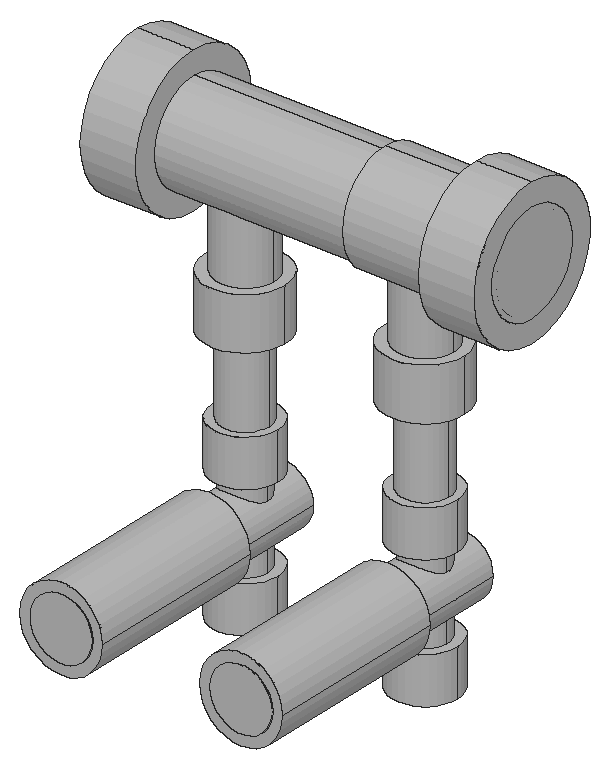
Revit family "Kemper - 6500005000", category Rohrzubehör, Revit 2019
Family settings
  Bemaßung runder Anschluss = Durchmesser verwenden
  Teiletyp = Ventil - Zerlegung in
  OmniClass-Nummer = 23.65.55.14
  OmniClass-Titel = Valves for Liquid Services
  Arbeitsebenenbasiert = Nein
  Immer vertikal = Ja
  Beim Laden mit Abzugskörper schneiden = Nein
  Gemeinsam genutzt = Nein
Parameters (values of type "DN 50")
  valvetype = "Ringleitungsarmatur"  # constant formula
  typedescription = "KEMPER Hygiene System, 650 00, KHS Flow-Splitter unit - dynamic, for concealed installation"  # constant formula
  type of connection = "Flow-Splitter main pass with female thread, female-thread outlets"  # constant formula
  type = "Sicherungsarmatur"  # constant formula
  sound insulation class = "1"  # constant formula
  productgroup = "KEMPER Hygiene System"  # constant formula
  productclassification = ""  # constant formula
  perm. operating pressure Bar = 16  # constant formula
  perm. operating Temperature °C = 90  # constant formula
  max. differential pressure = 0  # constant formula
  kVs-Value = 0  # constant formula
  design = "pass"  # constant formula
  collision width = 167.949 mm  # constant formula
  collision volume = "219 x 167.94945 x 271.98945"  # constant formula
  collision length = 219 mm  # constant formula
  collision height = 271.989 mm  # constant formula
  _created with version = "0.0.0.0"  # constant formula
  _created by (URL) = "www.dendrit.de"
  _created by = "Dendrit Generation"  # constant formula
  WarrantyStartDate [instance] = ""  # constant formula
  WarrantyGuantorParts = ""  # constant formula
  WarrantyGuantorLabour = ""  # constant formula
  WarrantyDurationUnit = "Years"  # constant formula
  WarrantyDurationParts = ""  # constant formula
  WarrantyDurationLabour = ""  # constant formula
  WarrantyDescription = ""  # constant formula
  URL = ""
  Tmin, Control °C = 0  # constant formula
  Tmax, Control °C = 0  # constant formula
  Surface = ""  # constant formula
  Stlb-Number = ""  # constant formula
  SpareParts = ""  # constant formula
  Size DN = 50  # constant formula
  Size = ""  # constant formula
  Shape = "Valve"  # constant formula
  SerialNumber [instance] = ""  # constant formula
  ReplacementCost = ""  # constant formula
  ReferencedStandard = ""  # constant formula
  ProductionYear = ""  # constant formula
  Modelnumber = "6500005000"  # constant formula
  Model = "650 00, KHS Flow-Splitter unit - dynamic, for concealed installation"  # constant formula
  Material = "gunmetal"  # constant formula
  Manufacturer = "Kemper"  # constant formula
  InstallationDate [instance] = ""  # constant formula
  Grade = ""  # constant formula
  Generation ID = "Kemper - 6500005000"  # constant formula
  GTIN-Number = ""  # constant formula
  Flow = 0  # constant formula
  Finish = ""  # constant formula
  Features = ""  # constant formula
  ExpectedLife = ""  # constant formula
  DurationUnit = "Years"  # constant formula
  DocumentationTechnical = ""  # constant formula
  DocumentationLiterature = ""  # constant formula
  DocumentationInstallationGuide = ""  # constant formula
  DocumentationCertificates = ""  # constant formula
  Datanorm = "6500005000"  # constant formula
  CreatedOn = "www.dendrit.de"
  CreatedBy = "Dendrit Generation"  # constant formula
  Cost = ""  # constant formula
  Consistuents = ""  # constant formula
  Color = ""  # constant formula
  CodePerformance = ""  # constant formula
  BarCode [instance] = ""  # constant formula
  AssetType = "Fixed"  # constant formula
  AssetIdentifier [instance] = ""  # constant formula
  AccessibilityPerformance = ""  # constant formula
Reference planes
  plane 1 "Mitte (Vorne/Hinten)": y = 0
  plane 2: z = 0
  plane 3 "Mitte (Links/Rechts)": x = 0
Forms (mm)
  Extrusion 1, solid, material "Generation_172172172000"
    sketch origin (-109.5, 0, 0) x (0, 0, -1) y (0, 1, 0)
      loop
        circle (0, 0) r 27.721
    from 0 to 219
  Extrusion 2, solid, material "Generation_172172172000"
    sketch origin (-109.5, 0, 0) x (0, 0, -1) y (0, 1, 0)
      loop
        circle (0, 0) r 40.239
    from 0 to 30.845
  Extrusion 3, solid, material "Generation_172172172000"
    sketch origin (109.5, 0, 0) x (0, 0, -1) y (0, -1, 0)
      loop
        circle (0, 0) r 40.239
    from 0 to 30.845
  Extrusion 4, solid, material "Generation_172172172000"
    sketch origin (28.1, 0, 0) x (0, 0, -1) y (0, 1, 0)
      loop
        circle (0, 0) r 29.807
    from 0 to 54.75
  Extrusion 5, solid, material "Generation_172172172000"
    sketch origin (50, 0, 0) x (0, -1, 0) y (-1, 0, 0)
      loop
        circle (0, 0) r 16.126
    from 0 to 88.5
  Extrusion 6, solid, material "Generation_172172172000"
    sketch origin (-50, 0, 0) x (0, -1, 0) y (-1, 0, 0)
      loop
        circle (0, 0) r 16.126
    from 0 to 88.5
  Extrusion 7, solid, material "Generation_172172172000"
    sketch origin (50, 0, -88.5) x (1, 0, 0) y (0, 1, 0)
      loop
        circle (0, 0) r 22.277
    from 0 to 29.112
  Extrusion 8, solid, material "Generation_172172172000"
    sketch origin (-50, 0, -88.5) x (1, 0, 0) y (0, 1, 0)
      loop
        circle (0, 0) r 22.277
    from 0 to 29.112
  Extrusion 9, solid, material "Generation_172172172000"
    sketch origin (50, 0, -88.5) x (0, -1, 0) y (-1, 0, 0)
      loop
        circle (0, 0) r 13.466
    from 0 to 44.25
  Extrusion 10, solid, material "Generation_172172172000"
    sketch origin (-50, 0, -88.5) x (0, -1, 0) y (-1, 0, 0)
      loop
        circle (0, 0) r 13.466
    from 0 to 44.25
  Extrusion 11, solid, material "Generation_172172172000"
    sketch origin (50, 0, -132.75) x (0, -1, 0) y (-1, 0, 0)
      loop
        circle (0, 0) r 18.244
    from 0 to 25.916
  Extrusion 12, solid, material "Generation_172172172000"
    sketch origin (-50, 0, -132.75) x (0, -1, 0) y (-1, 0, 0)
      loop
        circle (0, 0) r 18.244
    from 0 to 25.916
  Extrusion 13, solid, material "Generation_172172172000"
    sketch origin (50, 0, -132.75) x (0, -1, 0) y (-1, 0, 0)
      loop
        circle (0, 0) r 12.427
    from 0 to 99
  Extrusion 14, solid, material "Generation_172172172000"
    sketch origin (-50, 0, -132.75) x (0, -1, 0) y (-1, 0, 0)
      loop
        circle (0, 0) r 12.427
    from 0 to 99
  Extrusion 15, solid, material "Generation_172172172000"
    sketch origin (50, 0, -231.75) x (1, 0, 0) y (0, 1, 0)
      loop
        circle (0, 0) r 18.244
    from 0 to 25.916
  Extrusion 16, solid, material "Generation_172172172000"
    sketch origin (-50, 0, -231.75) x (1, 0, 0) y (0, 1, 0)
      loop
        circle (0, 0) r 18.244
    from 0 to 25.916
  Extrusion 17, solid, material "Generation_172172172000"
    sketch origin (-50, -127.71, -182.25) x (1, 0, 0) y (0, 0, -1)
      loop
        circle (0, 0) r 17.319
    from 0 to 153.252
  Extrusion 18, solid, material "Generation_172172172000"
    sketch origin (-50, -25.542, -182.25) x (1, 0, 0) y (0, 0, 1)
      loop
        circle (0, 0) r 23.136
    from 0 to 102.168
  Extrusion 19, solid, material "Generation_172172172000"
    sketch origin (50, -127.71, -182.25) x (1, 0, 0) y (0, 0, -1)
      loop
        circle (0, 0) r 17.319
    from 0 to 153.252
  Extrusion 20, solid, material "Generation_172172172000"
    sketch origin (50, -25.542, -182.25) x (1, 0, 0) y (0, 0, 1)
      loop
        circle (0, 0) r 23.136
    from 0 to 102.168
  Extrusion 21, solid, material "Generation_Connector"
    sketch origin (-106.452, 0, 0) x (0, 0, -1) y (0, -1, 0)
      loop
        circle (0, 0) r 25
    from 0 to 3.048
  Extrusion 22, solid, material "Generation_Connector"
    sketch origin (50, 0, -228.702) x (0, -1, 0) y (-1, 0, 0)
      loop
        circle (0, 0) r 12.5
    from 0 to 3.048
  Extrusion 23, solid, material "Generation_Connector"
    sketch origin (106.452, 0, 0) x (0, 0, -1) y (0, 1, 0)
      loop
        circle (0, 0) r 25
    from 0 to 3.048
  Extrusion 24, solid, material "Generation_Connector"
    sketch origin (-50, 0, -228.702) x (0, -1, 0) y (-1, 0, 0)
      loop
        circle (0, 0) r 12.5
    from 0 to 3.048
Dimensions and locks
  aligned and locked: level to plane 2
Connectors
  piping at (-109.5, 0, 0), diameter 50
    settings: on Extrusion 21, index 1, connector inside diameter 609.6 mm, connector length 0 mm, flow factor 0, pipe flow 0.0 L/s, pressure drop 0.0 Pa, fitting loss kfactor 0, connector angle 0.00°, fixture units 0, engagement length 0 mm, angle of deflection 0.00°, flow configuration 0, flow direction 0, fitting loss method 0, system type 29, joint type 0, gender type 0, connector reference index -1, connector utility 0, adjustable connector no, is connector primary yes, connector description ""
  piping at (50, 0, -231.75), diameter 25
    settings: on Extrusion 22, index 2, connector inside diameter 609.6 mm, connector length 0 mm, flow factor 0, pipe flow 0.0 L/s, pressure drop 0.0 Pa, fitting loss kfactor 0, connector angle 0.00°, fixture units 0, engagement length 0 mm, angle of deflection 0.00°, flow configuration 0, flow direction 0, fitting loss method 0, system type 29, joint type 0, gender type 0, connector reference index -1, connector utility 0, adjustable connector no, is connector primary no, connector description ""
  piping at (109.5, 0, 0), diameter 50
    settings: on Extrusion 23, index 3, connector inside diameter 609.6 mm, connector length 0 mm, flow factor 0, pipe flow 0.0 L/s, pressure drop 0.0 Pa, fitting loss kfactor 0, connector angle 0.00°, fixture units 0, engagement length 0 mm, angle of deflection 0.00°, flow configuration 0, flow direction 0, fitting loss method 0, system type 29, joint type 0, gender type 0, connector reference index -1, connector utility 0, adjustable connector no, is connector primary no, connector description ""
  piping at (-50, 0, -231.75), diameter 25
    settings: on Extrusion 24, index 4, connector inside diameter 609.6 mm, connector length 0 mm, flow factor 0, pipe flow 0.0 L/s, pressure drop 0.0 Pa, fitting loss kfactor 0, connector angle 0.00°, fixture units 0, engagement length 0 mm, angle of deflection 0.00°, flow configuration 0, flow direction 0, fitting loss method 0, system type 29, joint type 0, gender type 0, connector reference index -1, connector utility 0, adjustable connector no, is connector primary no, connector description ""
